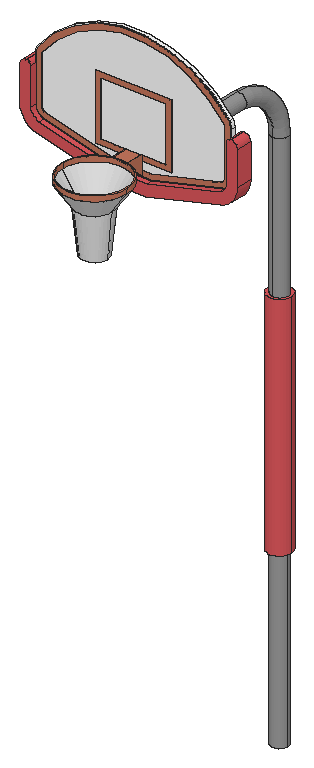
Revit family "Basketball_Backstop-Outdoor-Heavy_Duty-IPIbyBison-PR52", category Specialty Equipment, Revit 2026
Family settings
  Round Connector Dimension = Use Diameter
  Part Type = Normal
  Classification Number = 23.40.50.34.14
  Work Plane-Based = No
  Enable Cutting in Views = No
  Always vertical = Yes
  Cut with Voids When Loaded = No
  Maintain Annotation Orientation = No
  Shared = No
  Room Calculation Point = No
Parameters (values of type "Outdoor System Heavy Duty")
  padding color [instance] = Plastic - IPI by Bison - Scarlet SC
  URL = "https://ipibybison.com/"
  Specification = "https://www.arcat.com/company/ipi-by-bison-38554/spec"
  Product Page URL = "https://www.arcat.com/arcatcos/cos38/arc38554.html"
  Post Diameter = 0' - 4 1/2"
  Pole Material = Steel - Galvanized - Hot Dipped
  Padding Color [instance] = Plastic - IPI by Bison - Scarlet SC
  Padding = Plastic - IPI by Bison - Scarlet SC
  Optional Padding [instance] = yes
  Model = "PR52"
  Manufacturer = "IPI by Bison"
  Keynote = "11 66 00"
  Hoop Finish = Powder Coat - Playground Orange
  Hoop Elevation = 10' - 0"
  Embedding Depth = 4' - 0"
  Description = "Outdoor Basketball Frame and Backboard Systems"
  Default Elevation = 0' - 0"
  Copyright = "© 2023 ARCAT"  # constant formula
  Category = ""
  CAD Details = "https://www.arcat.com/company/ipi-by-bison-38554/cad"
  Basket Netting = Finish - IPI by Bison - White Netting
  Backboard Length = 4' - 6"
  Backboard Height = 2' - 11 1/2"
  Backboard Finish = Powder Coat - White
Reference planes (in)
  plane 1 "Center (Front/Back)": y = 0
  plane 2 "Bottom": z = 0
  plane 3 "Center (Left/Right)": x = 0
  plane 4: x = -2.25
  plane 5: x = 2.25
  plane 6 "Back": y = 2.25
  plane 7: y = -2.25
  plane 8: y = -50.25
  plane 9: y = -49.25
  plane 10 "Left": x = -27
  plane 11 "Right": x = 27
  plane 12: z = 114.5
  plane 13: z = 120
  plane 14 "Top": z = 150
  plane 15: y = -50.3125
  plane 16: z = 116.75
  plane 17: y = -31.25
  plane 18: y = -33.25
  plane 19: z = 142
  plane 20: z = -48
  plane 21: z = 4
  plane 22: z = 60
  plane 23 "Board Center": y = -49.75
Forms (in)
  Extrusion 1, solid, material "Powder Coat - White" <- "Backboard Finish"
    sketch origin (0, 0, 0) x (1, 0, 0) y (0, 0, 1)
      loop
        arc (-26.39715, 136.82755) -> (-26.8453, 135.97468) -> (-27, 135.02375) r 3
        line (-27, 135.02375) -> (-27, 122.34386)
        arc (-27, 122.34386) -> (-26.36403, 120.49687) -> (-24.72577, 119.43297) r 3
        line (-24.72577, 119.43297) -> (-4.9407, 114.5) -> (4.9407, 114.5) -> (24.72577, 119.43297)
        arc (24.72577, 119.43297) -> (26.36403, 120.49687) -> (27, 122.34386) r 3
        line (27, 122.34386) -> (27, 135.02375)
        arc (27, 135.02375) -> (26.8453, 135.97468) -> (26.39715, 136.82755) r 3
        arc (26.39715, 136.82755) -> (0, 150) -> (-26.39715, 136.82755) r 33.03571
    from 49.25 to 50.25
  Extrusion 2, solid, material "Powder Coat - Playground Orange" <- "Hoop Finish"
    sketch origin (0, 0, 0) x (1, 0, 0) y (0, 0, 1)
      loop
        arc (-26.14209, 136.7505) -> (-26.59396, 135.89492) -> (-26.75, 134.94) r 3
        line (-26.75, 134.94) -> (-26.75, 122.53918)
        arc (-26.75, 122.53918) -> (-26.11403, 120.69219) -> (-24.47577, 119.62829) r 3
        line (-24.47577, 119.62829) -> (-4.91001, 114.75) -> (-2.25, 114.75) -> (-2.25, 116.25) -> (-4.72583, 116.25) -> (-24.11288, 121.08373)
        arc (-24.11288, 121.08373) -> (-24.93202, 121.61569) -> (-25.25, 122.53918) r 1.5
        line (-25.25, 122.53918) -> (-25.25, 135.43679)
        arc (-25.25, 135.43679) -> (0, 148.25) -> (25.25, 135.43679) r 31.28571
        line (25.25, 135.43679) -> (25.25, 122.53918)
        arc (25.25, 122.53918) -> (24.93202, 121.61569) -> (24.11288, 121.08373) r 1.5
        line (24.11288, 121.08373) -> (4.72583, 116.25) -> (2.25, 116.25) -> (2.25, 114.75) -> (4.91001, 114.75) -> (24.47577, 119.62829)
        arc (24.47577, 119.62829) -> (26.11403, 120.69219) -> (26.75, 122.53918) r 3
        line (26.75, 122.53918) -> (26.75, 134.94)
        arc (26.75, 134.94) -> (26.59396, 135.89492) -> (26.14209, 136.7505) r 3
        arc (26.14209, 136.7505) -> (0, 149.75) -> (-26.14209, 136.7505) r 32.78571
      loop
        line (-10.5, 118.5) -> (-2.25, 118.5) -> (-2.25, 120) -> (-9, 120) -> (-9, 135) -> (9, 135) -> (9, 120) -> (2.25, 120) -> (2.25, 118.5) -> (10.5, 118.5) -> (10.5, 136.5) -> (-10.5, 136.5) -> (-10.5, 118.5)
    from 50.25 to 50.3125
  Sweep 3, solid, material "Steel - Galvanized - Hot Dipped" <- "Pole Material"
    path origin (0, 0, 0) x (0, 1, 0) y (0, 0, 1)
      loop
        line (-49.25, 114.5) -> (-14.25, 114.5)
        arc (-14.25, 114.5) -> (-5.76472, 110.98528) -> (-2.25, 102.5) r 12
        line (-2.25, 102.5) -> (-2.25, 0)
    profile origin (0, -31.75, 114.5) x (0, 0, 1) y (1, 0, 0)
      loop
        circle (2.25, 0) r 2.25
  Extrusion 4, solid, material "Steel - Galvanized - Hot Dipped" <- "Pole Material"
    sketch origin (-51.77303, 0, 11.74311) x (0, 1, 0) y (0.431442, 0, 0.902141)
      loop
        line (-31.25, 120) -> (-49.25, 142) -> (-49.25, 140.77778) -> (-32.25, 120) -> (-31.25, 120)
    from 0 to 0.95282
  Extrusion 5, solid, material "Steel - Galvanized - Hot Dipped" <- "Pole Material"
    sketch origin (51.77303, 0, 11.74311) x (0, 1, 0) y (0.431442, 0, -0.902141)
      loop
        line (-31.25, -120) -> (-32.25, -120) -> (-49.25, -140.77778) -> (-49.25, -142) -> (-31.25, -120)
    from 0 to 0.95282
  Revolve 6, solid, material "Steel - Galvanized - Hot Dipped" <- "Pole Material"
    sketch origin (0, 0, 0) x (0, 1, 0) y (0, 0, 1)
      loop
        line (-31.25, 116.75) -> (-31.25, 119.25) -> (-33.25, 119.25) -> (-33.25, 116.75) -> (-31.25, 116.75)
      axis (-31.25, 116.75) -> (-33.25, 116.75)
    angle from 0 to 360
  Extrusion 7, solid, material "Steel - Galvanized - Hot Dipped" <- "Pole Material"
    sketch origin (0, 0, 0) x (0, 1, 0) y (0, 0, 1)
      loop
        line (-31.25, 120) -> (-33.25, 120) -> (-33.25, 119) -> (-31.25, 119) -> (-31.25, 120)
    from -0.91219 to 0.91219
  Extrusion 8, solid, material "Steel - Galvanized - Hot Dipped" <- "Pole Material"
    sketch origin (0, 0, 0) x (0, 1, 0) y (0, 0, 1)
      loop
        line (-49.25, 114.5) -> (-44.75, 114.5) -> (-44.75, 120) -> (-49.25, 120) -> (-49.25, 114.5)
    from -2.25 to 2.25
  Extrusion 9, solid, material "Steel - Galvanized - Hot Dipped" <- "Pole Material"
    sketch origin (0, 0, 0) x (1, 0, 0) y (0, 1, 0)
      loop
        circle (0, 0) r 2.25
    from -48 to 0
  Extrusion 10, solid, material "Plastic - IPI by Bison - Scarlet SC" <- "Padding Color"
    sketch origin (32.27964, -18.53913, 0) x (1, 0, 0) y (0, 1, 0)
      loop
        circle (-32.27964, 18.53913) r 2.25
      loop
        circle (-32.27964, 18.53913) r 3.25
    from 0 to 63.25
  Extrusion 11, solid, material "Plastic - IPI by Bison - Scarlet SC" <- "padding color"
    sketch origin (0, -49.75, 0) x (1, 0, 0) y (0, 0, 1)
      loop
        line (-28, 133.52297) -> (-28.25, 133.52297)
        arc (-28.25, 133.52297) -> (-29.48744, 133.01041) -> (-30, 131.77297) r 1.75
        line (-30, 131.77297) -> (-30, 122.34386)
        arc (-30, 122.34386) -> (-28.72806, 118.64989) -> (-25.45153, 116.52208) r 6
        line (-25.45153, 116.52208) -> (-4.74103, 111.35837) -> (4.74103, 111.35837) -> (25.45153, 116.52208)
        arc (25.45153, 116.52208) -> (28.72806, 118.64989) -> (30, 122.34386) r 6
        line (30, 122.34386) -> (30, 131.77297)
        arc (30, 131.77297) -> (29.48744, 133.01041) -> (28.25, 133.52297) r 1.75
        line (28.25, 133.52297) -> (28, 133.52297)
        arc (28, 133.52297) -> (27.29289, 133.23008) -> (27, 132.52297) r 1
        line (27, 132.52297) -> (27, 122.34386)
        arc (27, 122.34386) -> (26.36403, 120.49687) -> (24.72577, 119.43297) r 3
        line (24.72577, 119.43297) -> (4.9396, 114.49973) -> (-4.9396, 114.49973) -> (-24.72577, 119.43297)
        arc (-24.72577, 119.43297) -> (-26.36403, 120.49687) -> (-27, 122.34386) r 3
        line (-27, 122.34386) -> (-27, 132.52297)
        arc (-27, 132.52297) -> (-27.29289, 133.23008) -> (-28, 133.52297) r 1
    from -2.18697 to 2.14819
Cuts and joins
  joined: Extrusion 4, Extrusion 5, Revolve 6, Extrusion 7
Dimensions and locks (in)
  equal spacing: plane 4, plane 3 "Center (Left/Right)", plane 5
  "Post Diameter": plane 4 to plane 5
  equal spacing: plane 6 "Back", plane 1 "Center (Front/Back)", plane 7
  "Post Diameter": plane 6 "Back" to plane 7
  locked: plane 8 to plane 7 at 48
  locked: plane 9 to plane 8 at 1
  equal spacing: plane 10 "Left", plane 3 "Center (Left/Right)", plane 11 "Right"
  "Backboard Length": plane 10 "Left" to plane 11 "Right"
  "Hoop Elevation": plane 13 to level
  locked: plane 13 to plane 12 at 5.5
  "Backboard Height": plane 14 "Top" to plane 12
  locked: plane 8 to plane 15 at 0.0625
  locked: plane 16 to plane 12 at 2.25
  locked: plane 17 to plane 18 at 2
  locked: plane 14 "Top" to plane 19 at 8
  equal spacing: Extrusion 7, plane 3 "Center (Left/Right)", Extrusion 7
  locked: Extrusion 7 to Extrusion 7 at 1.82437
  locked: Extrusion 8 to plane 9 at 4.5
  "Embedding Depth": level to plane 20
  locked: plane 21 to level at 4
  locked: plane 22 to level at 60
  aligned and locked: plane 2 "Bottom" to level
  aligned and locked: Extrusion 1 to plane 8
  aligned and locked: plane 9 to Extrusion 1
  aligned and locked: plane 8 to Extrusion 2
  aligned and locked: Extrusion 2 to plane 15
  aligned and locked: level to Sweep 3 sketch curve
  aligned and locked: Sweep 3 sketch curve to plane 7
  aligned and locked: plane 12 to Sweep 3 sketch curve
  aligned and locked: plane 9 to Sweep 3 sketch curve
  aligned and locked: plane 3 "Center (Left/Right)" to Sweep 3 sketch curve
  aligned and locked: plane 16 to Sweep 3 sketch curve
  aligned and locked: Extrusion 4 sketch curve to plane 9
  aligned and locked: plane 16 to Revolve 6 sketch curve
  aligned and locked: plane 18 to Revolve 6 sketch curve  (x2)
  aligned and locked: Revolve 6 sketch curve to plane 17
  aligned and locked: plane 17 to Revolve 6 sketch curve
  aligned and locked: Revolve 6 sketch curve to plane 16
  aligned and locked: Extrusion 7 sketch curve to plane 17
  aligned and locked: plane 18 to Extrusion 7 sketch curve
  aligned and locked: Extrusion 7 sketch curve to plane 13
  aligned and locked: plane 3 "Center (Left/Right)" to nested 1
  aligned and locked: plane 13 to nested 1
  aligned and locked: nested 1 to plane 8
  aligned and locked: Extrusion 8 to plane 4
  aligned and locked: Extrusion 8 to plane 5
  aligned and locked: plane 3 "Center (Left/Right)" to Extrusion 9 sketch curve
  aligned and locked: plane 1 "Center (Front/Back)" to Extrusion 9 sketch curve
  aligned and locked: Extrusion 9 to plane 20
  aligned and locked: level to Extrusion 9
  aligned and locked: Extrusion 10 sketch curve to Extrusion 9  (x2)
Automatic sketch dimensions
  Sweep 3 sketch curve to Sweep 3 sketch curve = 1' - 0"
  plane 17 to Extrusion 4 sketch curve = 0' - 0"
  Extrusion 4 sketch curve to Extrusion 4 sketch curve = 0' - 1"
  Extrusion 4 sketch curve to Extrusion 4 sketch curve = 1' - 8.77778"
  Extrusion 4 sketch curve to Extrusion 4 sketch curve = 0' - 1.22222"
  Revolve 6 sketch curve to plane 13 = 0' - 0 3/4"
  Extrusion 7 sketch curve to plane 13 = 0' - 1"
  Extrusion 1 sketch curve to plane 10 "Left" = 0' - 0"
  Extrusion 1 sketch curve to plane 12 = 0' - 0"
  Extrusion 1 sketch curve to plane 3 "Center (Left/Right)" = 0' - 0"
  plane 11 "Right" to Extrusion 1 sketch curve = 0' - 0"
  Extrusion 1 sketch curve to plane 13 = 0' - 0.56703"  (x2)
  plane 10 "Left" to Extrusion 1 sketch curve = 0' - 2.27423"
  plane 13 to Extrusion 1 sketch curve = 0' - 2.34386"
  Extrusion 1 sketch curve to Extrusion 1 sketch curve = 0' - 3"  (x3)
  Extrusion 1 sketch curve to plane 4 = 0' - 2.6907"
  Extrusion 1 sketch curve to plane 5 = 0' - 2.6907"
  plane 11 "Right" to Extrusion 1 sketch curve = 0' - 2.27423"
  plane 16 to Extrusion 1 sketch curve = 0' - 0.21429"
  Extrusion 1 sketch curve to plane 19 = 0' - 6.97625"  (x2)
  Extrusion 1 sketch curve to Extrusion 1 sketch curve = 0' - 0"
  Extrusion 2 sketch curve to Extrusion 2 sketch curve = 0' - 0"  (x7)
  Extrusion 2 sketch curve to plane 13 = 0' - 0"  (x2)
  Extrusion 2 sketch curve to plane 4 = 0' - 0"  (x2)
  Extrusion 2 sketch curve to plane 3 "Center (Left/Right)" = 0' - 0"
  plane 5 to Extrusion 2 sketch curve = 0' - 0"  (x2)
  Extrusion 2 sketch curve to plane 16 = 0' - 0 1/2"  (x2)
  Extrusion 2 sketch curve to Extrusion 2 sketch curve = 0' - 2.47583"  (x2)
  plane 12 to Extrusion 2 sketch curve = 0' - 0 1/4"  (x2)
  Extrusion 2 sketch curve to Extrusion 2 sketch curve = 0' - 0.18418"  (x2)
  Extrusion 2 sketch curve to Extrusion 2 sketch curve = 0' - 4.27417"
  Extrusion 2 sketch curve to Extrusion 2 sketch curve = 0' - 1 1/2"  (x5)
  plane 10 "Left" to Extrusion 2 sketch curve = 0' - 3 1/4"  (x2)
  plane 13 to Extrusion 2 sketch curve = 0' - 1.08373"  (x2)
  Extrusion 2 sketch curve to Extrusion 2 sketch curve = 0' - 0.36288"  (x4)
  Extrusion 2 sketch curve to plane 13 = 0' - 0.37171"  (x2)
  Extrusion 2 sketch curve to plane 5 = 0' - 6 3/4"
  plane 11 "Right" to Extrusion 2 sketch curve = 0' - 3 1/4"  (x2)
  plane 16 to Extrusion 2 sketch curve = 0' - 0.21429"
  Extrusion 2 sketch curve to plane 13 = 0' - 1 1/2"  (x2)
  Extrusion 2 sketch curve to plane 19 = 0' - 7.06"  (x2)
  Extrusion 2 sketch curve to plane 19 = 0' - 7"
  Extrusion 2 sketch curve to Extrusion 2 sketch curve = 0' - 0.49679"
  plane 9 to Extrusion 5 sketch curve = 0' - 0"
  plane 17 to Extrusion 5 sketch curve = 0' - 0"
  Extrusion 5 sketch curve to plane 17 = 0' - 1"
  Extrusion 5 sketch curve to Extrusion 5 sketch curve = 0' - 1.22222"
  Extrusion 5 sketch curve to Extrusion 5 sketch curve = 1' - 8.77778"
  Extrusion 8 sketch curve to plane 9 = 0' - 0"
  Extrusion 8 sketch curve to plane 13 = 0' - 0"
  Extrusion 8 sketch curve to plane 12 = 0' - 0"
  Extrusion 8 sketch curve to Extrusion 8 sketch curve = 0' - 4 1/2"
  Extrusion 10 sketch curve to Extrusion 10 sketch curve = 0' - 0"  (x2)
  Extrusion 10 sketch curve to Extrusion 10 sketch curve = 0' - 1"
  plane 1 "Center (Front/Back)" to Extrusion 10 sketch curve = 0' - 0"  (x2)
  Extrusion 11 sketch curve to Extrusion 11 sketch curve = 0' - 0"  (x4)
  Extrusion 11 sketch curve to plane 10 "Left" = 0' - 0"
  plane 11 "Right" to Extrusion 11 sketch curve = 0' - 0"
  Extrusion 11 sketch curve to plane 10 "Left" = 0' - 1"
  Extrusion 11 sketch curve to Extrusion 11 sketch curve = 0' - 0 1/4"  (x2)
  Extrusion 11 sketch curve to plane 16 = 0' - 0.22792"  (x2)
  plane 10 "Left" to Extrusion 11 sketch curve = 0' - 1.54847"
  Extrusion 11 sketch curve to plane 13 = 0' - 0.56703"  (x2)
  plane 13 to Extrusion 11 sketch curve = 0' - 2.34386"
  Extrusion 11 sketch curve to plane 12 = 0' - 0.00027"
  Extrusion 11 sketch curve to plane 4 = 0' - 2.6896"
  Extrusion 11 sketch curve to plane 5 = 0' - 2.6896"
  Extrusion 11 sketch curve to Extrusion 11 sketch curve = 0' - 3"  (x2)
  Extrusion 11 sketch curve to plane 11 "Right" = 0' - 1"
  Extrusion 11 sketch curve to Extrusion 11 sketch curve = 0' - 9.42912"  (x2)
  Extrusion 11 sketch curve to Extrusion 11 sketch curve = 0' - 0.19858"  (x2)
  plane 11 "Right" to Extrusion 11 sketch curve = 0' - 1.54847"
  plane 11 "Right" to Extrusion 11 sketch curve = 0' - 2.27423"
  Extrusion 11 sketch curve to plane 12 = 0' - 3.14163"
  radius of Sweep 3 sketch curve = 0' - 2 1/4"
  radius of Extrusion 9 sketch curve = 0' - 2 1/4"
Nested families (in)
  nested 1: "Playground-System_Heavy-Duty-4_1-2in_PR52_Basket" at (0, -50.25, 120), Frame <- "Hoop Finish", Netting <- "Basket Netting", type "Playground-System_Heavy-Duty-4_1-2in_PR52_Basket"
    with Netting Finish - IPI by Bison - White Netting, Frame Powder Coat - Playground Orange
Definition of nested family "Playground-System_Heavy-Duty-4_1-2in_PR52_Basket"
  Parameters (values of type "Playground-System_Heavy-Duty-4_1-2in_PR52_Basket")
    Netting [instance] = none
    Frame [instance] = none
    Default Elevation = 0' - 0"
  Reference planes (in)
    plane 1 "Center (Front/Back)": y = 0
    plane 2: z = 0
    plane 3 "Center (Left/Right)": x = 0
    plane 4 "Net": y = -13.5
    plane 5: x = -2.25
    plane 6: x = 2.25
  Forms (in)
    Extrusion 1, solid, material <- "Frame"
      sketch origin (0, 0, 0) x (1, 0, 0) y (0, 1, 0)
        loop
          circle (0, -13.5) r 9
        loop
          circle (0, -13.5) r 8.75
      from -1.38229 to 0
    Extrusion 2, solid, material <- "Frame"
      sketch origin (0, 0, 0) x (0, 1, 0) y (0, 0, 1)
        loop
          line (0, 0) -> (-4.75, 0) -> (-4.75, -1.1813) -> (0, -5.25) -> (0, 0)
      from -2.25 to -2.06458
    Extrusion 3, solid, material <- "Frame"
      sketch origin (0, 0, 0) x (0, 1, 0) y (0, 0, -1)
        loop
          line (0, 0) -> (0, 5.25) -> (-4.75, 1.1813) -> (-4.75, 0) -> (0, 0)
      from -2.25 to -2.06458
    Extrusion 4, solid, material <- "Frame"
      sketch origin (0, 0, 0) x (0, 1, 0) y (0, 0, 1)
        loop
          line (-4.75, 0) -> (-4.75, -0.25) -> (-0.25, -0.25) -> (-0.25, -5.03586) -> (0, -5.25) -> (0, 0) -> (-4.75, 0)
      from -2.06458 to 2.06458
    Revolve 5, solid, material <- "Netting"
      sketch origin (0, -13.5, 0) x (-1, 0, 0) y (0, 0, 1)
        loop
          line (9, -1.38229) -> (8.8474, -1.38229) -> (4.72063, -7.27592) -> (3.4482, -19.38229) -> (3.57389, -19.38229) -> (4.84157, -7.32114) -> (9, -1.38229)
        axis (0, -1.38229) -> (0, -19.38229)
      angle from 0 to 360
  Dimensions and locks (in)
    locked: level to Extrusion 1 at 1.38229
    locked: plane 4 "Net" to plane 1 "Center (Front/Back)" at 13.5
    equal spacing: plane 6, plane 3 "Center (Left/Right)", plane 5
    locked: plane 6 to plane 5 at 4.5
    aligned and locked: plane 2 to level
    aligned and locked: level to Extrusion 1
  Automatic sketch dimensions
    Extrusion 1 sketch curve to Extrusion 1 sketch curve = 0' - 0"  (x2)
    Extrusion 1 sketch curve to plane 3 "Center (Left/Right)" = 0' - 0"
    Extrusion 1 sketch curve to plane 4 "Net" = 0' - 0"
    Revolve 5 sketch curve to plane 3 "Center (Left/Right)" = 0' - 0"
    Revolve 5 sketch curve to plane 5 = 0' - 1.1982"
    Revolve 5 sketch curve to Revolve 5 sketch curve = 0' - 0.12569"
    Revolve 5 sketch curve to plane 5 = 0' - 2.47063"
    Revolve 5 sketch curve to Revolve 5 sketch curve = 0' - 0.12094"
    Revolve 5 sketch curve to level = 0' - 1.38229"  (x2)
    Revolve 5 sketch curve to plane 5 = 0' - 6.5974"
    Revolve 5 sketch curve to Revolve 5 sketch curve = 0' - 0.1526"
    Revolve 5 sketch curve to Revolve 5 sketch curve = 0' - 0.04522"
    Revolve 5 sketch curve to Revolve 5 sketch curve = 1' - 0.06115"
    Revolve 5 sketch curve to Revolve 5 sketch curve = 0' - 1"
    Revolve 5 sketch curve to Revolve 5 sketch curve = 0' - 5.89364"
    Extrusion 2 sketch curve to level = 0' - 0"
    Extrusion 2 sketch curve to plane 1 "Center (Front/Back)" = 0' - 0"
    Extrusion 2 sketch curve to level = 0' - 1.1813"
    plane 1 "Center (Front/Back)" to Extrusion 2 sketch curve = 0' - 4 3/4"
    Extrusion 2 sketch curve to level = 0' - 5 1/4"
    Extrusion 3 sketch curve to level = 0' - 0"
    Extrusion 3 sketch curve to plane 1 "Center (Front/Back)" = 0' - 0"
    Extrusion 3 sketch curve to level = 0' - 1.1813"
    plane 1 "Center (Front/Back)" to Extrusion 3 sketch curve = 0' - 4 3/4"
    Extrusion 3 sketch curve to level = 0' - 5 1/4"
    Extrusion 4 sketch curve to level = 0' - 0"
    Extrusion 4 sketch curve to plane 1 "Center (Front/Back)" = 0' - 0"
    plane 1 "Center (Front/Back)" to Extrusion 4 sketch curve = 0' - 0 1/4"
    Extrusion 4 sketch curve to level = 0' - 0 1/4"
    Extrusion 4 sketch curve to Extrusion 4 sketch curve = 0' - 4 1/2"
    Extrusion 4 sketch curve to Extrusion 4 sketch curve = 0' - 4.78586"
    Extrusion 4 sketch curve to Extrusion 4 sketch curve = 0' - 0.21414"
    radius of Extrusion 1 sketch curve = 0' - 9"
    radius of Extrusion 1 sketch curve = 0' - 8 3/4"
